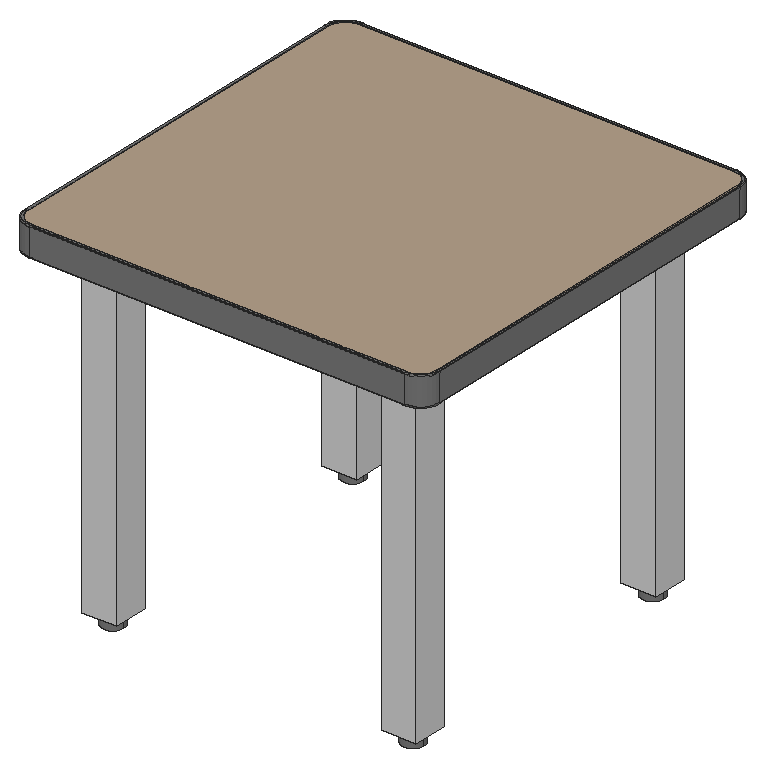
Revit family "SeatingInc-Square_Table", category Furniture, Revit 2014
Parameters (values of type "See Type Catolog")
  Width = 18"
  URL = "http://www.seatinginc.com"
  Type Comments = "Table Square"  # constant formula
  Table Top = STI - Maple
  Model = "MS18R"
  Manufacturer = "seating inc."  # constant formula
  Leg = STI - Metal
  Keynote = "12500"
  Height = 16"
  Glide = STI - Black
  Edge Band = STI - Black
  Description = "Square Table 18\"W 18\"D 16\"H"
  Depth = 18"
  Assembly Code = "E2020200"
Reference planes (in)
  plane 1 "Center (Front/Back)": y = 0
  plane 2: z = 0
  plane 3 "Center (Left/Right)": x = -3
  plane 4: y = 9
  plane 5: y = -9
  plane 6: x = -12
  plane 7: x = 6
  plane 8: z = 16
  plane 9: y = 8.88189
  plane 10: x = -11.88189
  plane 11: x = 5.88189
  plane 12: y = -8.88189
  plane 13: z = 14.75
Forms (in)
  Sweep 1, solid, material "STI - Black" <- "Edge Band"
    path origin (0, 0, 0) x (1, 0, 0) y (0, 1, 0)
      loop
        arc (-11.13507, 9) -> (-11.74667, 8.74667) -> (-12, 8.13507) r 0.86493
        line (-12, 8.13507) -> (-12, -8.13672)
        arc (-12, -8.13672) -> (-11.74715, -8.74715) -> (-11.13672, -9) r 0.86328
        line (-11.13672, -9) -> (5.13672, -9)
        arc (5.13672, -9) -> (5.74715, -8.74715) -> (6, -8.13672) r 0.86328
        line (6, -8.13672) -> (6, 8.13672)
        arc (6, 8.13672) -> (5.74715, 8.74715) -> (5.13672, 9) r 0.86328
        line (5.13672, 9) -> (-11.13507, 9)
    profile origin (-2.99918, 9, 0) x (0, 1, 0) y (0, 0, 1)
      loop
        line (-0.02097, 16) -> (-0.11811, 16) -> (-0.11811, 14.75) -> (-0.02111, 14.75)
        arc (-0.02111, 14.75) -> (-0.00618, 14.75618) -> (0, 14.77111) r 0.02111
        line (0, 14.77111) -> (0, 15.97903)
        arc (0, 15.97903) -> (-0.00614, 15.99386) -> (-0.02097, 16) r 0.02097
  Extrusion 2, solid, material "STI - Maple" <- "Table Top"
    sketch origin (-11.13507, 8.88189, 16) x (1, 0, 0) y (0, 1, 0)
      loop
        arc (16.27179, -17.76378) -> (16.7987, -17.54552) -> (17.01696, -17.01861) r 0.74517
        line (17.01696, -17.01861) -> (17.01696, -0.74517)
        arc (17.01696, -0.74517) -> (16.7987, -0.21826) -> (16.27179, 0) r 0.74517
        line (16.27179, 0) -> (0, 0)
        arc (0, 0) -> (-0.52808, -0.21874) -> (-0.74682, -0.74682) r 0.74682
        line (-0.74682, -0.74682) -> (-0.74682, -17.01861)
        arc (-0.74682, -17.01861) -> (-0.52856, -17.54552) -> (-0.00165, -17.76378) r 0.74517
        line (-0.00165, -17.76378) -> (16.27179, -17.76378)
    from 0 to -1.25
  Sweep 3, solid, material "STI - Metal" <- "Leg"
    path origin (0, 0, 0) x (1, 0, 0) y (0, 0, 1)
      loop
        line (-3, 0.5) -> (-3, 14.75)
    profile origin (-3, 0, 7.625) x (-1, 0, 0) y (0, -1, 0)
      loop
        line (7.25, -7.25) -> (7.25, -5.75) -> (5.75, -5.75) -> (5.75, -7.25) -> (7.25, -7.25)
      loop
        line (-5.75, -7.25) -> (-5.75, -5.75) -> (-7.25, -5.75) -> (-7.25, -7.25) -> (-5.75, -7.25)
      loop
        line (7.25, 7.25) -> (5.75, 7.25) -> (5.75, 5.75) -> (7.25, 5.75) -> (7.25, 7.25)
      loop
        line (-5.75, 7.25) -> (-7.25, 7.25) -> (-7.25, 5.75) -> (-5.75, 5.75) -> (-5.75, 7.25)
  Sweep 4, solid, material "STI - Black" <- "Glide"
    path origin (0, 0, 0) x (1, 0, 0) y (0, 0, 1)
      loop
        line (-3, 0) -> (-3, 0.5)
    profile origin (-3, 0, 0.25) x (-1, 0, 0) y (0, -1, 0)
      loop
        circle (6.51448, -6.51288) r 0.48034
      loop
        circle (-6.51448, -6.51288) r 0.48034
      loop
        circle (-6.51448, 6.51288) r 0.48034
      loop
        circle (6.51448, 6.51288) r 0.48034
Lines and regions (in)
  symbolic lines, style "FurnitureHiddenLines", detail levels fine
    curve 1: line (-8.75, 7.25, 0) -> (-10.25, 7.25, 0)
    curve 2: line (-10.25, 7.25, 0) -> (-10.25, 5.75, 0)
    curve 3: line (-10.25, 5.75, 0) -> (-8.75, 5.75, 0)
    curve 4: line (-8.75, 5.75, 0) -> (-8.75, 7.25, 0)
    curve 5: line (2.75, 5.75, 0) -> (4.25, 5.75, 0)
    curve 6: line (4.25, 5.75, 0) -> (4.25, 7.25, 0)
    curve 7: line (4.25, 7.25, 0) -> (2.75, 7.25, 0)
    curve 8: line (2.75, 7.25, 0) -> (2.75, 5.75, 0)
    curve 9: line (4.25, -5.75, 0) -> (2.75, -5.75, 0)
    curve 10: line (2.75, -5.75, 0) -> (2.75, -7.25, 0)
    curve 11: line (2.75, -7.25, 0) -> (4.25, -7.25, 0)
    curve 12: line (4.25, -7.25, 0) -> (4.25, -5.75, 0)
    curve 13: line (-8.75, -5.75, 0) -> (-10.25, -5.75, 0)
    curve 14: line (-10.25, -5.75, 0) -> (-10.25, -7.25, 0)
    curve 15: line (-10.25, -7.25, 0) -> (-8.75, -7.25, 0)
    curve 16: line (-8.75, -7.25, 0) -> (-8.75, -5.75, 0)
    curve 17: arc (-9.99483, 6.51288, 0) -> (-9.51448, 6.03254, 0) -> (-9.03414, 6.51288, 0) r 0.48034
    curve 18: arc (-9.03414, 6.51288, 0) -> (-9.51448, 6.99322, 0) -> (-9.99483, 6.51288, 0) r 0.48034
    curve 19: arc (3.99483, 6.51288, 0) -> (3.51448, 6.99322, 0) -> (3.03414, 6.51288, 0) r 0.48034
    curve 20: arc (3.03414, 6.51288, 0) -> (3.51448, 6.03254, 0) -> (3.99483, 6.51288, 0) r 0.48034
    curve 21: arc (3.03414, -6.51288, 0) -> (3.51448, -6.99322, 0) -> (3.99483, -6.51288, 0) r 0.48034
    curve 22: arc (3.99483, -6.51288, 0) -> (3.51448, -6.03254, 0) -> (3.03414, -6.51288, 0) r 0.48034
    curve 23: arc (-9.03414, -6.51288, 0) -> (-9.51448, -6.03254, 0) -> (-9.99483, -6.51288, 0) r 0.48034
    curve 24: arc (-9.99483, -6.51288, 0) -> (-9.51448, -6.99322, 0) -> (-9.03414, -6.51288, 0) r 0.48034
  symbolic lines, style "Table"
    curve 25: line (5.13672, 8.88189, 0) -> (-11.13507, 8.88189, 0)
    curve 26: arc (-11.13507, 8.88189, 0) -> (-11.66315, 8.66315, 0) -> (-11.88189, 8.13507, 0) r 0.74682
    curve 27: line (-11.88189, 8.13507, 0) -> (-11.88189, -8.13672, 0)
    curve 28: arc (-11.88189, -8.13672, 0) -> (-11.66363, -8.66363, 0) -> (-11.13672, -8.88189, 0) r 0.74517
    curve 29: line (-11.13672, -8.88189, 0) -> (5.13672, -8.88189, 0)
    curve 30: arc (5.13672, -8.88189, 0) -> (5.66363, -8.66363, 0) -> (5.88189, -8.13672, 0) r 0.74517
    curve 31: line (5.88189, -8.13672, 0) -> (5.88189, 8.13672, 0)
    curve 32: arc (5.88189, 8.13672, 0) -> (5.66363, 8.66363, 0) -> (5.13672, 8.88189, 0) r 0.74517
    curve 33: line (-11.14061, 9, 0) -> (5.16236, 9, 0)
    curve 34: line (-12, 8.14061, 0) -> (-12, -8.14786, 0)
    curve 35: line (6, 8.16236, 0) -> (6, -8.13873, 0)
    curve 36: line (-11.14786, -9, 0) -> (5.13873, -9, 0)
    curve 37: arc (5.16236, 9, 0) -> (5.75466, 8.75466, 0) -> (6, 8.16236, 0) r 0.83764
    curve 38: arc (6, -8.13873, 0) -> (5.74774, -8.74774, 0) -> (5.13873, -9, 0) r 0.86127
    curve 39: arc (-12, -8.14786, 0) -> (-11.75041, -8.75041, 0) -> (-11.14786, -9, 0) r 0.85214
    curve 40: arc (-12, 8.14061, 0) -> (-11.74829, 8.74829, 0) -> (-11.14061, 9, 0) r 0.85939
Dimensions and locks (in)
  equal spacing: plane 6, plane 3 "Center (Left/Right)", plane 7
  equal spacing: plane 4, plane 1 "Center (Front/Back)", plane 5
  "Depth": plane 4 to plane 5
  "Width": plane 6 to plane 7
  "Height": plane 8 to plane 2
  locked: plane 4 to plane 9 at 0.11811
  locked: plane 12 to plane 5 at 0.11811
  plane 6 to plane 10 = 0.11811"
  locked: plane 11 to plane 7 at 0.11811
  locked: plane 8 to plane 13 at 1.25
  locked: Sweep 3 to Sweep 4 sketch curve at 0.73552  (x2)
  locked: Sweep 3 to Sweep 4 sketch curve at 0.73712  (x3)
  locked: Sweep 4 sketch curve to Sweep 3 at 0.73552  (x2)
  locked: Sweep 3 to Sweep 4 sketch curve at 0.76288
  Sweep 3 sketch curve to Sweep 3 sketch curve to plane 7 = 1 1/2" locked, 1 3/4" locked  (x2)
  Sweep 3 sketch curve to Sweep 3 sketch curve to plane 5 = 1 1/2" locked, 1 3/4" locked  (x2)
  plane 6 to Sweep 3 sketch curve to Sweep 3 sketch curve = 1 3/4" locked, 1 1/2" locked  (x2)
  plane 4 to Sweep 3 sketch curve to Sweep 3 sketch curve = 1 3/4" locked, 1 1/2" locked  (x2)
  aligned and locked: plane 2 to level
  aligned and locked: plane 13 to Sweep 3 sketch curve
  aligned and locked: plane 3 "Center (Left/Right)" to Sweep 3 sketch curve
  aligned and locked: plane 3 "Center (Left/Right)" to Sweep 4 sketch curve
  aligned and locked: curve 1 to Sweep 3
  aligned and locked: curve 2 to Sweep 3
  aligned and locked: curve 3 to Sweep 3
  aligned and locked: curve 4 to Sweep 3
  aligned and locked: curve 5 to Sweep 3
  aligned and locked: curve 6 to Sweep 3
  aligned and locked: curve 7 to Sweep 3
  aligned and locked: curve 8 to Sweep 3
  aligned and locked: curve 9 to Sweep 3
  aligned and locked: curve 10 to Sweep 3
  aligned and locked: curve 11 to Sweep 3
  aligned and locked: curve 12 to Sweep 3
  aligned and locked: curve 13 to Sweep 3
  aligned and locked: curve 14 to Sweep 3
  aligned and locked: curve 15 to Sweep 3
  aligned and locked: curve 16 to Sweep 3
  aligned and locked: curve 18 to Sweep 4
  aligned and locked: curve 19 to Sweep 4
  aligned and locked: curve 20 to Sweep 4
  aligned and locked: curve 21 to Sweep 4
  aligned and locked: curve 22 to Sweep 4
  aligned and locked: curve 23 to Sweep 4
  aligned and locked: curve 24 to Sweep 4
  aligned and locked: Sweep 1 sketch curve to plane 4
  aligned and locked: plane 6 to Sweep 1 sketch curve
  aligned and locked: plane 5 to Sweep 1 sketch curve
  aligned and locked: Sweep 1 sketch curve to plane 7
  aligned and locked: Sweep 1 sketch curve to plane 8
  aligned and locked: plane 13 to Sweep 1 sketch curve
  aligned and locked: Extrusion 2 sketch curve to Sweep 1  (x4)
  aligned and locked: Sweep 1 to Extrusion 2  (x2)
  aligned and locked: curve 25 to Extrusion 2
  aligned and locked: curve 27 to Extrusion 2
  aligned and locked: curve 29 to Extrusion 2
  aligned and locked: curve 31 to Extrusion 2
  aligned and locked: curve 33 to plane 4
  aligned and locked: curve 34 to plane 6
  aligned and locked: curve 35 to plane 7
  aligned and locked: curve 36 to plane 5
Automatic sketch dimensions
  level to Sweep 3 sketch curve = 1/2"
  Sweep 4 sketch curve to level = 0"
  Sweep 4 sketch curve to Sweep 4 sketch curve = 1/2"
  plane 10 to Sweep 1 sketch curve = 0.74517"
  Sweep 1 sketch curve to plane 9 = 0.74682"
  Sweep 1 sketch curve to plane 11 = 0.74517"  (x2)
  profile plane to Sweep 1 sketch curve = 0.11811"
  profile plane to Sweep 1 sketch curve = 0.02111"
  profile plane to Sweep 1 sketch curve = 0.02097"
  Sweep 1 sketch curve to Sweep 1 sketch curve = 0.02111"
  Extrusion 2 sketch curve to Sweep 1 = 0.74682"
  Extrusion 2 sketch curve to Sweep 1 = 0.74517"  (x3)
  plane 10 to curve 39 = 0.73403"
  curve 40 to plane 9 = 0.74128"
  curve 39 to curve 29 = 0.01114"
  curve 33 to curve 25 = 0.00554"
  curve 29 to plane 11 = 0.74517"
  curve 25 to plane 11 = 0.74517"
  curve 29 to curve 36 = 0.00201"
  curve 32 to curve 33 = 0.02564"
  radius of Sweep 4 sketch curve = 0.48034"  (x4)
Types in the file's own list only (10): name | Width | Model | Height | Description | Depth
  Square-Table MS18R | 18" | "MS18R" | 16" | "Square Table 18\"W 18\"D 16\"H" | 18"
  Square-Table MS24R | 24" | "MS24R" | 16" | "Square Table 24\"W 24\"D 16\"H" | 24"
  Square-Table MS30R | 30" | "MS30R" | 16" | "Square Table 30\"W 30\"D 16\"H" | 30"
  Square-Table MS36R | 36" | "MS36R" | 16" | "Square Table 36\"W 36\"D 16\"H" | 36"
  Square-Table MS42R | 42" | "MS42R" | 16" | "Square Table 42\"W 42\"D 16\"H" | 42"
  Square-Table Tall MT18R | 18" | "MT18R" | 21" | "Square-Table Tall 18\"W 18\"D 21\"H" | 18"
  Square-Table Tall MT24R | 24" | "MT24R" | 21" | "Square-Table Tall 24\"W 24\"D 21\"H" | 24"
  Square-Table Tall MT30R | 30" | "MT30R" | 21" | "Square-Table Tall 30\"W 30\"D 21\"H" | 30"
  Square-Table Tall MT36R | 36" | "MT36R" | 21" | "Square-Table Tall 36\"W 36\"D 21\"H" | 36"
  Square-Table Tall MT42R | 42" | "MT42R" | 21" | "Square-Table Tall 42\"W 42\"D 21\"H" | 42"
